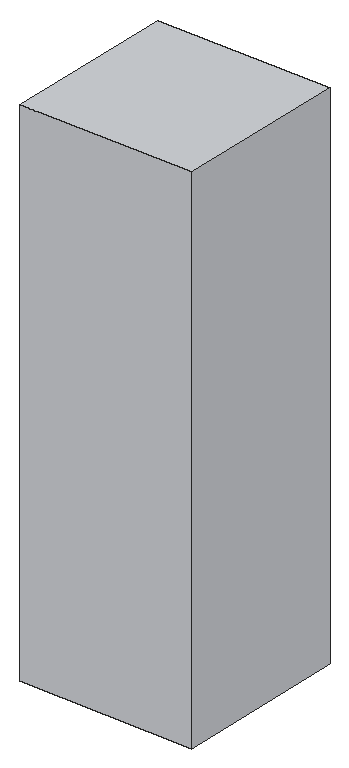
Revit family "tpp-esercitazione 2", category Modelli generici, Revit 2017
Family settings
  Può ospitare armatura = No
  Quota connettore circolare = Usa diametro
  Tipo di parte = Normale
  Basato su piano di lavoro = No
  Sempre verticale = Sì
  Taglio con vuoti quando caricato = No
  Condiviso = No
  Punto di calcolo locali = No
Parameters (values of type "1000x1000")
  wich = 300 mm
  whict = 1000 mm
Types (5, lengths in mm): name | whict
  (no name) | 1000
  80x80 | 800
  30x30 | 300
  400x400 | 400
  1000x1000 | 1000
Reference planes
  plane 1 "Centro (Fronte/Retro)": y = -1500
  plane 2: z = 0
  plane 3 "Centro (Sinistra/Destra)": x = 3407.383
  plane 4: x = 2407.383
  plane 5: y = -500
Forms (mm)
  Extrusion 1, solid
    sketch origin (0, 0, 0) x (1, 0, 0) y (0, 1, 0)
      loop
        line (3407.383, -500) -> (2407.383, -500) -> (2407.383, -1500) -> (3407.383, -1500) -> (3407.383, -500)
    from 0 to 3000
Dimensions and locks
  "whict": plane 1 "Centro (Fronte/Retro)" to plane 5
  "whict": plane 4 to plane 3 "Centro (Sinistra/Destra)"
  aligned and locked: level to plane 2
  aligned and locked: plane 1 "Centro (Fronte/Retro)" to Extrusion 1
  aligned and locked: plane 3 "Centro (Sinistra/Destra)" to Extrusion 1
  aligned and locked: plane 4 to Extrusion 1
Automatic sketch dimensions
  plane 4 to Extrusion 1 sketch curve = 0 mm
  plane 3 "Centro (Sinistra/Destra)" to Extrusion 1 sketch curve = 0 mm
  plane 1 "Centro (Fronte/Retro)" to Extrusion 1 sketch curve = 0 mm
  Extrusion 1 sketch curve to plane 5 = 0 mm
